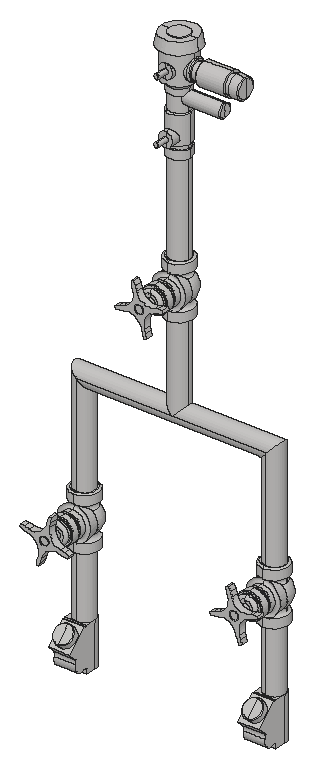
Revit family "QF_FISHER_29475", category Specialty Equipment, Revit 2015 (continued)
Automatic sketch dimensions
  curve 53 to curve 51 = 0.06005"
  curve 41 to curve 41 = 0.06005"
  curve 68 to curve 95 = 0.32882"
  curve 27 to curve 32 = 0.064"
  curve 22 to curve 31 = 0.01553"
  curve 29 to curve 24 = 0.07725"
  curve 36 to curve 24 = 0.064"
  curve 15 to curve 20 = 1/64"
  curve 99 to plane 8 "Center X" = 0.19632"
  plane 3 "LEFT" to curve 99 = 0.47482"
  curve 68 to curve 70 = 0.07888"
  curve 76 to curve 75 = 0.18243"
  curve 95 to curve 14 = 0.19878"
  curve 97 to curve 96 = 0.02711"
  curve 13 to plane 7 "Center Y" = 0.86603"
  curve 134 to plane 5 "FRONT" = 1/2"
  curve 133 to curve 134 = 0.02711"
  curve 136 to curve 131 = 0.1479"
  curve 117 to curve 131 = 0.1351"
  curve 133 to curve 104 = 0.19878"
  curve 112 to curve 113 = 0.18243"
  curve 107 to curve 105 = 0.07888"
  curve 135 to plane 8 "Center X" = 0.19632"
  curve 135 to curve 132 = 0.07521"
  curve 132 to curve 104 = 0.17118"
  radius of Sweep 1 sketch curve = 1/2"
  radius of Extrusion 2 sketch curve = 1/2"
  radius of Extrusion 10 sketch curve = 0.217"
  radius of Extrusion 11 sketch curve = 0.217"
  radius of Extrusion 12 sketch curve = 0.217"
  radius of Extrusion 13 sketch curve = 0.217"
  radius of Extrusion 19 sketch curve = 0.217"
  radius of Extrusion 20 sketch curve = 0.217"
  radius of Extrusion 21 sketch curve = 0.217"
  radius of curve 9 = 0.892"
  radius of curve 11 = 1/2"
Connectors (in)
  piping at (10.86116, -1.27342, 0), diameter 0.5, driven by "Cold Water Size", driven by "Cold Water Flow"
    settings: on cut or joined group of Sweep 1, Revolve 4, Revolve 22, Revolve 23, Extrusion 24, Extrusion 27, index 1, connector inside diameter 24", connector length 0", flow factor 0, pipe flow 0 GPM, pressure drop 0.00 psi, fitting loss kfactor 0, connector angle 0.00°, fixture units 0, engagement length 0", angle of deflection 0.00°, flow configuration 1, flow direction 1, fitting loss method 0, system type 20, joint type 0, gender type 0, connector reference index -1, connector utility 0, adjustable connector no, is connector primary yes, connector description "COLD WATER INLET"
  piping at (1.26111, -1.27342, 0), diameter 0.5, driven by "Hot Water Size", driven by "Hot Water Flow"
    settings: on cut or joined group of Sweep 1, Revolve 4, Revolve 22, Revolve 23, Extrusion 24, Extrusion 27, index 2, connector inside diameter 24", connector length 0", flow factor 0, pipe flow 0 GPM, pressure drop 0.00 psi, fitting loss kfactor 0, connector angle 0.00°, fixture units 0, engagement length 0", angle of deflection 0.00°, flow configuration 1, flow direction 1, fitting loss method 0, system type 19, joint type 0, gender type 0, connector reference index -1, connector utility 0, adjustable connector no, is connector primary no, connector description "HOT WATER INLET"
